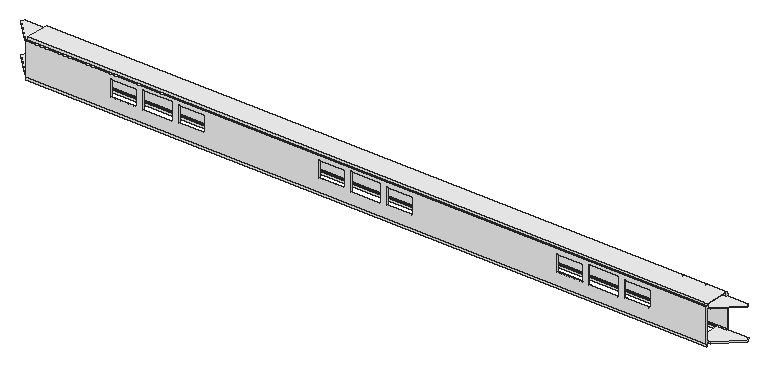
Revit family "Desk_Structures-Teknion-JNDBB_Structural_Beam_Single_Sided-R2018", category Furniture, Revit 2018
Family settings
  OmniClass Number = 23.40.20.00
  OmniClass Title = General Furniture and Specialties
  Work Plane-Based = No
  Always vertical = Yes
  Cut with Voids When Loaded = No
  Shared = Yes
  Room Calculation Point = No
Parameters (values of type "Single Sided")
  Width Note [instance] = "Width of Beam can range from 24 to 84 inches in 6 inch increments"  # constant formula
  Width [instance] = 84.000"
  Warranty = "http://www.teknion.com/ca/papers/legal-canada"
  Unit Weight URL = "http://www.teknion.com/ca/tools/assets#&asset=bee6a381-b954-425e-8283-5a2de3a804f2,f828d448-4b62-4231-9e5f-9a8991c0ed77"
  URL = "www.teknion.com"
  Sustainability Data = "http://www.teknion.com/ca/tools/assets#&topic=216f99a5-57a0-44fc-b10a-9dee9b29ae4c&asset=444deb64-fe58-4b68-981e-f75e97781df7"
  Support Frame Finish [instance] = Mica - Teknion - V - Satin - Very White
  Side B Structural Leg - Beam Mounted Cabinet (2D) [instance] = [Has Side B Structural Leg - Beam Mounted Cabinet]  # no
  Side B In-Line Top Bracket (Leg) [instance] = or([Has Side B Structural Leg - Single-Sided (In-Line)], [Has Side B Structural Leg - Single-Sided (End)])  # no
  Side B In-Line Top Bracket (2D) [instance] = or([Has Side B Structural Leg - Single-Sided (In-Line)], [Has Side B Structural Post - Single-Sided Beam (In-Line)], [Has Side B Structural Leg - Fence (In-Line)])  # no
  Side B Leg (2D) [instance] = or([Has Side B Structural Leg - Single-Sided (End)], [Has Side B Structural Leg - Single-Sided (In-Line)], [Has Side B Structural Leg - Fence (End)], [Has Side B Structural Leg - Fence (In-Line)])  # no
  Side B Front Leg Offset [instance] = if(or([Has Side B Structural Leg - Single-Sided (End)], [Has Side B Structural Leg - Fence (End)]), 3.267", if(or([Has Side B Structural Post - Single-Sided Beam (In-Line)], [Has Side B Structural Leg - Single-Sided (In-Line)], [Has Side B Structural Leg - Fence (In-Line)]), 2.518", 3.267"))  # 3.267"
  Side B Fence Leg Config (2D) [instance] = or([Has Side B Structural Leg - Fence (End)], [Has Side B Structural Leg - Fence (In-Line)], [Has Side B Structural Leg - Beam Mounted Cabinet])  # no
  Side A In-Line Top Bracket (Leg) [instance] = or([Has Side A Structural Leg - Single-Sided (In-Line)], [Has Side A Structural Leg - Single-Sided (End)])  # no
  Side A In-Line Top Bracket (2D) [instance] = or([Has Side A Structural Leg - Single-Sided (In-Line)], [Has Side A Structural Post - Single-Sided Beam (In-Line)], [Has Side A Structural Leg - Fence (In-Line)])  # no
  Side A Front Leg Offset [instance] = if(or([Has Side A Structural Leg - Single-Sided (End)], [Has Side A Structural Leg - Fence (End)]), 3.267", if(or([Has Side A Structural Post - Single-Sided Beam (In-Line)], [Has Side A Structural Leg - Single-Sided (In-Line)], [Has Side A Structural Leg - Fence (In-Line)]), 2.518", 3.267"))  # 3.267"
  Side A Fence Leg Config (2D) [instance] = or([Has Side A Structural Leg - Fence (End)], [Has Side A Structural Leg - Fence (In-Line)], [Has Side A Structural Leg - Beam Mounted Cabinet])  # no
  Side A Leg (2D) [instance] = or([Has Side A Structural Leg - Single-Sided (End)], [Has Side A Structural Leg - Single-Sided (In-Line)], [Has Side A Structural Leg - Fence (End)], [Has Side A Structural Leg - Fence (In-Line)], [Has Side A Structural Leg - Beam Mounted Cabinet])  # no
  Side A End Top Bracket (2D) [instance] = or([Has Side A Structural Leg - Single-Sided (End)], [Has Side A Structural Leg - Fence (End)], [Has Side A Structural Post - Corner], [Has Side A Structural Leg - Beam Mounted Cabinet])  # no
  Side B End Top Bracket (2D) [instance] = or([Has Side B Structural Leg - Single-Sided (End)], [Has Side B Structural Leg - Fence (End)], [Has Side B Structural Post - Corner], [Has Side B Structural Leg - Beam Mounted Cabinet])  # no
  Series = "Cityline"  # constant formula
  Right Side - Right Cut [instance] = if(Width = 48.000", 2.065", if(Width = 54.000", 2.065", if(Width = 60.000", 2.065", if(Width = 66.000", 2.065", if(Width = 72.000", 2.065", if(Width = 78.000", 2.065", if(Width = 84.000", 2.065", 1.000")))))))  # 2.065"
  Right Side - Middle Cut [instance] = if(Width = 48.000", 2.065", if(Width = 54.000", 2.065", if(Width = 60.000", 2.065", if(Width = 66.000", 2.065", if(Width = 72.000", 2.065", if(Width = 78.000", 2.065", if(Width = 84.000", 2.065", 1.000")))))))  # 2.065"
  Right Side - Left Cut [instance] = if(Width = 48.000", 2.065", if(Width = 54.000", 2.065", if(Width = 60.000", 2.065", if(Width = 66.000", 2.065", if(Width = 72.000", 2.065", if(Width = 78.000", 2.065", if(Width = 84.000", 2.065", 1.000")))))))  # 2.065"
  Side B Post [instance] = or([Has Side B Structural Post - Single-Sided Beam (In-Line)], [Has Side B Structural Leg - Single-Sided (End)], [Has Side B Structural Leg - Single-Sided (In-Line)], [Has Side B Structural Post - Corner])  # no
  Side B In-Line Top Bracket (Post) [instance] = or([Has Side B Structural Post - Single-Sided Beam (In-Line)], [Has Side B Structural Leg - Fence (End)], [Has Side B Structural Leg - Fence (In-Line)], [Has Side B Structural Post - Corner], [Has Side B Structural Leg - Beam Mounted Cabinet])  # no
  Right In-Line Post Cut Length [instance] = if(or([Has Side B Structural Leg - Single-Sided (In-Line)], [Has Side B Structural Post - Single-Sided Beam (In-Line)], [Has Side B Structural Leg - Fence (In-Line)], [Has Side B Structural Leg - Fence (In-Line)]), 4.017", 3.150")  # 3.150"
  Side B Front Leg [instance] = or([Has Side B Structural Leg - Single-Sided (End)], [Has Side B Structural Leg - Single-Sided (In-Line)], [Has Side B Structural Leg - Fence (In-Line)], [Has Side B Structural Leg - Fence (End)], [Has Side B Structural Leg - Beam Mounted Cabinet])  # no
  Side B Fence Leg [instance] = or([Has Side B Structural Leg - Fence (End)], [Has Side B Structural Leg - Fence (In-Line)], [Has Side B Structural Leg - Beam Mounted Cabinet])  # no
  Right End Config Cut [instance] = if(or([Has Side B Structural Leg - Single-Sided (End)], [Has Side B Structural Leg - Fence (End)], [Has Side B Structural Post - Corner], [Has Side B Structural Leg - Beam Mounted Cabinet]), 10.000", 3.000")  # 3.000"
  NOTE [instance] = "Please ensure to select only one configuration for either Side A and Side B"  # constant formula
  Model = "See PPG"  # constant formula
  Leg Paint Finish [instance] = Mica - Teknion - V - Satin - Very White
  Side A Post [instance] = or([Has Side A Structural Post - Single-Sided Beam (In-Line)], [Has Side A Structural Leg - Single-Sided (End)], [Has Side A Structural Leg - Single-Sided (In-Line)], [Has Side A Structural Post - Corner])  # no
  Side A In-Line Top Bracket (Post) [instance] = or([Has Side A Structural Post - Single-Sided Beam (In-Line)], [Has Side A Structural Leg - Fence (End)], [Has Side A Structural Leg - Fence (In-Line)], [Has Side A Structural Post - Corner], [Has Side A Structural Leg - Beam Mounted Cabinet])  # no
  Side A Front Leg [instance] = or([Has Side A Structural Leg - Single-Sided (End)], [Has Side A Structural Leg - Single-Sided (In-Line)], [Has Side A Structural Leg - Fence (In-Line)], [Has Side A Structural Leg - Fence (End)], [Has Side A Structural Leg - Beam Mounted Cabinet])  # no
  Side A Fence Leg [instance] = or([Has Side A Structural Leg - Fence (End)], [Has Side A Structural Leg - Fence (In-Line)], [Has Side A Structural Leg - Beam Mounted Cabinet])  # no
  Left End Config Cut [instance] = if(or([Has Side A Structural Leg - Single-Sided (End)], [Has Side A Structural Leg - Fence (End)], [Has Side A Structural Post - Corner], [Has Side A Structural Leg - Beam Mounted Cabinet]), 10.000", 3.000")  # 3.000"
  Left In-Line Post Cut Length [instance] = if(or([Has Side A Structural Leg - Single-Sided (In-Line)], [Has Side A Structural Post - Single-Sided Beam (In-Line)], [Has Side A Structural Leg - Fence (In-Line)], [Has Side A Structural Leg - Fence (In-Line)]), 4.017", 3.150")  # 3.150"
  Has Side Beam Covers [instance] = no
  Has Side B Structural Post - End Storage [instance] = no
  Has Side B Structural Leg - Fence (In-Line) [instance] = no
  Has Side B Structural Leg - Fence (End) [instance] = no
  Has Side B Structural Leg - Beam Mounted Cabinet [instance] = no
  Has Side B Structural Leg - Single-Sided (In-Line) [instance] = no
  Has Side B Structural Leg - Single-Sided (End) [instance] = no
  Side A Structural Leg - Beam Mounted Cabinet (2D) [instance] = [Has Side A Structural Leg - Beam Mounted Cabinet]  # no
  Has Side A Structural Post - End Storage [instance] = no
  Has Side A Structural Leg - Beam Mounted Cabinet [instance] = no
  Has Right S Post with Front Leg (In-Line) [instance] = if(or([Has Side B Structural Leg - Single-Sided (In-Line)], [Has Side B Structural Leg - Fence (In-Line)], [Has Side B Structural Leg - Single-Sided (End)], [Has Side B Structural Leg - Fence (End)], [Has Side B Structural Leg - Beam Mounted Cabinet]), 12.000", 2.097")  # 2.097"
  Has Side B Structural Post - Corner [instance] = no
  Has Side A Structural Leg - Fence (In-Line) [instance] = no
  Has Side A Structural Leg - Fence (End) [instance] = no
  Has Side A Structural Leg - Single-Sided (In-Line) [instance] = no
  Has Side A Structural Leg - Single-Sided (End) [instance] = no
  Has Left S Post with Front Leg (In-Line) [instance] = if(or([Has Side A Structural Leg - Single-Sided (In-Line)], [Has Side A Structural Leg - Fence (In-Line)], [Has Side A Structural Leg - Single-Sided (End)], [Has Side A Structural Leg - Fence (End)], [Has Side A Structural Leg - Beam Mounted Cabinet]), 12.000", 2.097")  # 2.097"
  Has Side B Structural Post - Single-Sided Beam (In-Line) [instance] = no
  Has Side A Structural Post - Corner [instance] = no
  Has Side A Structural Post - Single-Sided Beam (In-Line) [instance] = no
  Has Bottom Side Cover [instance] = no
  Description = "Structural Beam, Single-Sided"  # constant formula
  Depth Note [instance] = "Depth of Structural Post with Front Leg can range from 18 to 30 inches in 6 inch increments, Depth of Structural Leg Single Sided can range from 18 to 30 inches in 6 inch increments, Depth of Structural Leg - Fence can only be 18 inches."  # constant formula
  Depth - Side B Leg (Actual) [instance] = (if(or([Has Side B Structural Leg - Fence (In-Line)], [Has Side B Structural Leg - Fence (End)], [Has Side B Structural Leg - Beam Mounted Cabinet]), 10.101", [Depth - Side B Leg] - 0.592"))  # 23.408"
  Depth - Side B Leg [instance] = 24.000"
  Depth - Side A Leg (Actual) [instance] = (if(or([Has Side A Structural Leg - Fence (In-Line)], [Has Side A Structural Leg - Fence (End)], [Has Side A Structural Leg - Beam Mounted Cabinet]), 10.101", [Depth - Side A] - 0.592"))  # 23.408"
  Depth - Side A [instance] = 24.000"
  Center - Right Cut [instance] = if(Width = 30.000", 2.065", if(Width = 36.000", 2.065", if(Width = 42.000", 2.065", if(Width = 66.000", 2.065", if(Width = 72.000", 2.065", if(Width = 78.000", 2.065", if(Width = 84.000", 2.065", 1.000")))))))  # 2.065"
  Product Page URL = "http://www.teknion.com/ca/products/product-details?productlineid=9ad2a26e-8e7a-673b-a6c8-ff05004460c4"
  Product Line = "Cityline"  # constant formula
  Product Documentation Link = "http://www.teknion.com/pricing/expansion-cityline/pdfs/JNDBB_ppg.pdf"
  Part Number = "JNDBB"  # constant formula
  Center - Middle Cut [instance] = if(Width = 24.000", 2.065", if(Width = 30.000", 2.065", if(Width = 36.000", 2.065", if(Width = 42.000", 2.065", if(Width = 66.000", 2.065", if(Width = 72.000", 2.065", if(Width = 78.000", 2.065", if(Width = 84.000", 2.065", 1.000"))))))))  # 2.065"
  Manufacturer Phone = "416-661-3370"  # constant formula
  Manufacturer Fax = "416.661.4586"  # constant formula
  Manufacturer Contact Information = "http://www.teknion.com/ca/contactus"
  Manufacturer Address = "1150 Flint Road, Toronto, ON. M3J 2J5. Canada"  # constant formula
  Manufacturer = "Teknion"  # constant formula
  Left Side -  Left Cut [instance] = if(Width = 48.000", 2.065", if(Width = 54.000", 2.065", if(Width = 60.000", 2.065", if(Width = 66.000", 2.065", if(Width = 72.000", 2.065", if(Width = 78.000", 2.065", if(Width = 84.000", 2.065", 1.000")))))))  # 2.065"
  Left Side- Middle Cut [instance] = if(Width = 48.000", 2.065", if(Width = 54.000", 2.065", if(Width = 60.000", 2.065", if(Width = 66.000", 2.065", if(Width = 72.000", 2.065", if(Width = 78.000", 2.065", if(Width = 84.000", 2.065", 1.000")))))))  # 2.065"
  Left Side - Right Cut [instance] = if(Width = 48.000", 2.065", if(Width = 54.000", 2.065", if(Width = 60.000", 2.065", if(Width = 66.000", 2.065", if(Width = 72.000", 2.065", if(Width = 78.000", 2.065", if(Width = 84.000", 2.065", 1.000")))))))  # 2.065"
  Center - Left Cut [instance] = if(Width = 30.000", 2.065", if(Width = 36.000", 2.065", if(Width = 42.000", 2.065", if(Width = 66.000", 2.065", if(Width = 72.000", 2.065", if(Width = 78.000", 2.065", if(Width = 84.000", 2.065", 1.000")))))))  # 2.065"
  Assembly Code = "E2020200"
Reference planes (in)
  plane 1 "Center Front/Back": y = 0
  plane 2: z = 0
  plane 3 "Center Left/Right": x = 0
  plane 4 "Left Beam": x = -38.6142
  plane 5 "Right Node": x = 42
  plane 6 "Back": y = 1.5748
  plane 7 "Front": y = -1.5748
  plane 8 "Top": z = 46
  plane 9: y = 2.71195
  plane 10: y = -2.71195
  plane 11: z = 27.37795
  plane 12: z = 23.7874
  plane 13: z = 27.25984
  plane 14: z = 23.90551
  plane 15 "Left Node": x = -42
  plane 16: x = 38.6142
  plane 17: z = 27.07185
  plane 18: z = 23.7874
  plane 19: z = 23.59941
  plane 20: z = 1
  plane 21: z = 27.25984
  plane 22 "Left Leg - Front": y = -21.71509
  plane 23 "Front Leg Right": x = 42.00022
  plane 24: x = 40.50022
  plane 25 "Left": x = -42.00031
  plane 26: x = -40.50031
  plane 27: z = 31.09173
  plane 28 "Right Leg - Front": y = -21.71509
  plane 29: z = 23.30326
  plane 30: z = 23.42126
  plane 31: y = 1.69291
  plane 32: x = 41.56571
  plane 33: x = -41.56575
  plane 34 "Left Bracket": x = -45.26731
  plane 35 "Right Bracket": x = 45.26722
  plane 36: x = -38.73231
  plane 37: x = 38.73222
Forms (in)
  Extrusion 1, void
    sketch origin (0, 0, 0) x (1, 0, 0) y (0, 1, 0)
      loop
        line (-1.7126, 0.64695) -> (1.7126, 0.64695) -> (1.7126, 2.71195) -> (-1.7126, 2.71195) -> (-1.7126, 0.64695)
    from 25.01575 to 27.14173
  Extrusion 2, void
    sketch origin (0, 0, 0) x (1, 0, 0) y (0, 1, 0)
      loop
        line (-1.7126, -0.64695) -> (-1.7126, -2.71195) -> (1.7126, -2.71195) -> (1.7126, -0.64695) -> (-1.7126, -0.64695)
    from 25.01575 to 27.14173
  Extrusion 3, solid, material "Mica - Teknion - V - Satin - Very White" <- "Support Frame Finish"
    sketch origin (-11.30403, 0, 0) x (0, 1, 0) y (0, 0, 1)
      loop
        line (1.51575, 23.90551) -> (1.3248, 23.90551) -> (1.3248, 23.7874) -> (1.45669, 23.7874) -> (1.45669, 23.42126) -> (1.51575, 23.42126) -> (1.51575, 23.72835) -> (1.5748, 23.72835) -> (1.5748, 27.43701) -> (1.3248, 27.43701) -> (1.3248, 27.69291) -> (-1.3248, 27.69291) -> (-1.3248, 27.43701) -> (-1.5748, 27.43701) -> (-1.5748, 23.72835) -> (-1.51575, 23.72835) -> (-1.51575, 23.42126) -> (-1.45669, 23.42126) -> (-1.45669, 23.7874) -> (-1.3248, 23.7874) -> (-1.3248, 23.90551) -> (-1.51575, 23.90551) -> (-1.51575, 27.25984) -> (-1.3248, 27.25984) -> (-1.3248, 27.37795) -> (-1.26575, 27.37795) -> (-1.26575, 27.63386) -> (1.26575, 27.63386) -> (1.26575, 27.37795) -> (1.3248, 27.37795) -> (1.3248, 27.25984) -> (1.51575, 27.25984) -> (1.51575, 23.90551)
    from -27.31017 to 49.91823
  Extrusion 4, void
    sketch origin (-3.60433, 0, 0) x (1, 0, 0) y (0, 1, 0)
      loop
        line (-1.7126, -0.64695) -> (-1.7126, -2.71195) -> (1.22047, -2.71195) -> (1.22047, -0.64695) -> (-1.7126, -0.64695)
    from 25.1437 to 26.97441
  Extrusion 5, void
    sketch origin (4.09646, 0, 0) x (1, 0, 0) y (0, 1, 0)
      loop
        line (-1.7126, -0.64695) -> (-1.7126, -2.71195) -> (1.22047, -2.71195) -> (1.22047, -0.64695) -> (-1.7126, -0.64695)
    from 25.1437 to 26.97441
  Extrusion 6, void
    sketch origin (-3.60433, 0, 0) x (1, 0, 0) y (0, 1, 0)
      loop
        line (-1.7126, 0.64695) -> (1.22047, 0.64695) -> (1.22047, 2.71195) -> (-1.7126, 2.71195) -> (-1.7126, 0.64695)
    from 25.1437 to 26.97441
  Extrusion 7, void
    sketch origin (4.09646, 0, 0) x (1, 0, 0) y (0, 1, 0)
      loop
        line (-1.7126, 0.64695) -> (1.22047, 0.64695) -> (1.22047, 2.71195) -> (-1.7126, 2.71195) -> (-1.7126, 0.64695)
    from 25.1437 to 26.97441
  Extrusion 8, void
    sketch origin (-9, 0, 0) x (1, 0, 0) y (0, 1, 0)
      loop
        line (-16.3268, -0.64695) -> (-16.3268, -2.71195) -> (-12.9016, -2.71195) -> (-12.9016, -0.64695) -> (-16.3268, -0.64695)
    from 25.01575 to 27.14173
  Extrusion 9, void
    sketch origin (-12.60433, 0, 0) x (1, 0, 0) y (0, 1, 0)
      loop
        line (-16.3268, -0.64695) -> (-16.3268, -2.71195) -> (-13.39373, -2.71195) -> (-13.39373, -0.64695) -> (-16.3268, -0.64695)
    from 25.1437 to 26.97441
  Extrusion 10, void
    sketch origin (-4.90354, 0, 0) x (1, 0, 0) y (0, 1, 0)
      loop
        line (-16.3268, -0.64695) -> (-16.3268, -2.71195) -> (-13.39373, -2.71195) -> (-13.39373, -0.64695) -> (-16.3268, -0.64695)
    from 25.1437 to 26.97441
  Extrusion 11, void
    sketch origin (9, 0, 0) x (1, 0, 0) y (0, 1, 0)
      loop
        line (16.2874, -0.64695) -> (16.2874, -2.71195) -> (19.7126, -2.71195) -> (19.7126, -0.64695) -> (16.2874, -0.64695)
    from 25.01575 to 27.14173
  Extrusion 12, void
    sketch origin (5.39567, 0, 0) x (1, 0, 0) y (0, 1, 0)
      loop
        line (16.2874, -0.64695) -> (16.2874, -2.71195) -> (19.22047, -2.71195) -> (19.22047, -0.64695) -> (16.2874, -0.64695)
    from 25.1437 to 26.97441
  Extrusion 13, void
    sketch origin (13.09646, 0, 0) x (1, 0, 0) y (0, 1, 0)
      loop
        line (16.2874, -0.64695) -> (16.2874, -2.71195) -> (19.22047, -2.71195) -> (19.22047, -0.64695) -> (16.2874, -0.64695)
    from 25.1437 to 26.97441
  Extrusion 14, void
    sketch origin (-9, 0, 0) x (1, 0, 0) y (0, 1, 0)
      loop
        line (-16.3268, 0.64695) -> (-12.9016, 0.64695) -> (-12.9016, 2.71195) -> (-16.3268, 2.71195) -> (-16.3268, 0.64695)
    from 25.01575 to 27.14173
  Extrusion 15, void
    sketch origin (-12.60433, 0, 0) x (1, 0, 0) y (0, 1, 0)
      loop
        line (-16.3268, 0.64695) -> (-13.39373, 0.64695) -> (-13.39373, 2.71195) -> (-16.3268, 2.71195) -> (-16.3268, 0.64695)
    from 25.1437 to 26.97441
  Extrusion 16, void
    sketch origin (-4.90354, 0, 0) x (1, 0, 0) y (0, 1, 0)
      loop
        line (-16.3268, 0.64695) -> (-13.39373, 0.64695) -> (-13.39373, 2.71195) -> (-16.3268, 2.71195) -> (-16.3268, 0.64695)
    from 25.1437 to 26.97441
  Extrusion 17, void
    sketch origin (9, 0, 0) x (1, 0, 0) y (0, 1, 0)
      loop
        line (16.2874, 0.64695) -> (19.7126, 0.64695) -> (19.7126, 2.71195) -> (16.2874, 2.71195) -> (16.2874, 0.64695)
    from 25.01575 to 27.14173
  Extrusion 18, void
    sketch origin (5.39567, 0, 0) x (1, 0, 0) y (0, 1, 0)
      loop
        line (16.2874, 0.64695) -> (19.22047, 0.64695) -> (19.22047, 2.71195) -> (16.2874, 2.71195) -> (16.2874, 0.64695)
    from 25.1437 to 26.97441
  Extrusion 19, void
    sketch origin (13.09646, 0, 0) x (1, 0, 0) y (0, 1, 0)
      loop
        line (16.2874, 0.64695) -> (19.22047, 0.64695) -> (19.22047, 2.71195) -> (16.2874, 2.71195) -> (16.2874, 0.64695)
    from 25.1437 to 26.97441
  Extrusion 20, solid, material "Mica - Teknion - V - Satin - Very White" <- "Leg Paint Finish", visible <- "Side A Post"
    sketch origin (-0.86758, -0.94291, 0) x (1, 0, 0) y (0, 1, 0)
      loop
        line (-40.98633, 1.2815) -> (-39.77767, 1.2815) -> (-39.77767, 2.49016) -> (-40.98633, 2.49016) -> (-40.98633, 1.2815)
    from 0 to 1
  Extrusion 21, solid, material "Mica - Teknion - V - Satin - Very White" <- "Leg Paint Finish", visible <- "Side A Post"
    sketch origin (-0.86758, -0.94291, 0) x (1, 0, 0) y (0, 1, 0)
      loop
        line (-41.13273, 1.13583) -> (-39.63273, 1.13583) -> (-39.63273, 2.63583) -> (-41.13273, 2.63583) -> (-41.13273, 1.13583)
    from 1 to 23.59941
  Extrusion 22, solid, material "Mica - Teknion - V - Satin - Very White" <- "Leg Paint Finish", visible <- "Side A In-Line Top Bracket (Post)"
    sketch origin (-1.69291, 0, 0) x (1, 0, 0) y (0, 1, 0)
      loop
        circle (-43.4494, 1.4498) r 0.125
      loop
        circle (-37.1644, 1.4498) r 0.125
      loop
        circle (-43.4494, -1.4498) r 0.125
      loop
        circle (-37.1644, -1.4498) r 0.125
    from 23.7874 to 27.14173
  Extrusion 23, solid, material "Mica - Teknion - V - Satin - Very White" <- "Leg Paint Finish", visible <- "Side B Post"
    sketch origin (-0.8248, -0.94291, 0) x (-1, 0, 0) y (0, -1, 0)
      loop
        line (-42.6803, -1.2815) -> (-42.6803, -2.49016) -> (-41.4713, -2.49016) -> (-41.4713, -1.2815) -> (-42.6803, -1.2815)
    from 0 to 1
  Extrusion 24, solid, material "Mica - Teknion - V - Satin - Very White" <- "Leg Paint Finish", visible <- "Side B Post"
    sketch origin (-0.8248, -0.94291, 0) x (-1, 0, 0) y (0, -1, 0)
      loop
        line (-42.82503, -1.13583) -> (-42.82503, -2.63583) -> (-41.32503, -2.63583) -> (-41.32503, -1.13583) -> (-42.82503, -1.13583)
    from 1 to 23.59941
  Extrusion 25, solid, material "Mica - Teknion - V - Satin - Very White" <- "Leg Paint Finish", visible <- "Side B Front Leg"
    sketch origin (43.69291, 0, 0) x (0, -1, 0) y (0, 0, 1)
      loop
        line (-1.69291, 27.6929) -> (-1.69291, 22.8149) -> (15.40799, 22.8149)
        arc (15.40799, 22.8149) -> (16.1519, 22.50676) -> (16.46003, 21.76286) r 1.05204
        line (16.46003, 21.76286) -> (19.19351, 1) -> (21.71509, 1) -> (18.2009, 27.6929) -> (-1.69291, 27.6929)
    from 1.69269 to 3.19269
  Extrusion 26, solid, material "Mica - Teknion - V - Satin - Very White" <- "Leg Paint Finish", visible <- "Side B Front Leg"
    sketch origin (44.44291, 0, 0) x (0, -1, 0) y (0, 0, 1)
      loop
        line (21.70775, 0) -> (21.5761, 1) -> (19.51119, 1) -> (19.64285, 0) -> (21.70775, 0)
    from 2.59937 to 3.78441
  Extrusion 27, solid, material "Mica - Teknion - V - Satin - Very White" <- "Leg Paint Finish", visible <- "Side A Front Leg"
    sketch origin (-43.69283, 0, 0) x (0, -1, 0) y (0, 0, -1)
      loop
        line (-1.69291, -27.6929) -> (18.2009, -27.6929) -> (21.71509, -1) -> (19.19351, -1) -> (16.46003, -21.76286)
        arc (16.46003, -21.76286) -> (16.1519, -22.50676) -> (15.40799, -22.8149) r 1.05204
        line (15.40799, -22.8149) -> (-1.69291, -22.8149) -> (-1.69291, -27.6929)
    from 1.69252 to 3.19252
  Extrusion 28, solid, material "Mica - Teknion - V - Satin - Very White" <- "Leg Paint Finish", visible <- "Side A Front Leg"
    sketch origin (-44.44283, 0, 0) x (0, -1, 0) y (0, 0, -1)
      loop
        line (21.70775, 0) -> (19.64285, 0) -> (19.51119, -1) -> (21.5761, -1) -> (21.70775, 0)
    from 2.59928 to 3.78432
  Extrusion 29, void
    sketch origin (-1.69291, 0, 0) x (1, 0, 0) y (0, 1, 0)
      loop
        line (-37.0394, 1.5748) -> (-40.1894, 1.5748) -> (-40.1894, -1.5748) -> (-37.0394, -1.5748) -> (-37.0394, 1.5748)
    from 28.99473 to 31.09173
  Extrusion 30, solid, material "Mica - Teknion - V - Satin - Very White" <- "Support Frame Finish", visible <- "Has Side Beam Covers"
    sketch origin (0, 0, 0) x (1, 0, 0) y (0, 1, 0)
      loop
        line (38.6142, 1.5748) -> (38.6142, 1.6928) -> (-38.6142, 1.6928) -> (-38.6142, 1.5748) -> (38.6142, 1.5748)
    from 23.42126 to 27.69291
  Extrusion 31, solid, material "Mica - Teknion - V - Satin - Very White" <- "Support Frame Finish", visible <- "Has Side Beam Covers"
    sketch origin (0, 0, 0) x (1, 0, 0) y (0, 1, 0)
      loop
        line (38.6142, -1.5748) -> (-38.6142, -1.5748) -> (-38.6142, -1.6928) -> (38.6142, -1.6928) -> (38.6142, -1.5748)
    from 23.42126 to 27.69291
  Extrusion 32, solid, material "Paint - Teknion - 52 - Ebony", visible <- "Has Bottom Side Cover"
    sketch origin (-25.5748, -180, 23.59941) x (-1, 0, 0) y (0, -1, 0)
      loop
        line (13.0394, -181.5748) -> (13.0394, -178.4252) -> (-64.189, -178.4252) -> (-64.189, -181.5748) -> (13.0394, -181.5748)
    from -0.29615 to -0.17815
  Extrusion 33, solid, material "Mica - Teknion - V - Satin - Very White" <- "Support Frame Finish"
    sketch origin (-25.5748, -180, 23.59941) x (-1, 0, 0) y (0, -1, 0)
      loop
        arc (-66.87886, -180.99694) -> (-66.75574, -181.15116) -> (-66.66201, -181.3248) r 1.10535
        line (-66.66201, -181.3248) -> (-63.20475, -181.3248) -> (-63.20475, -178.6752) -> (-64.55711, -178.6752) -> (-66.87886, -180.99694)
    from 3.66043 to 3.77854
  Extrusion 34, solid, material "Mica - Teknion - V - Satin - Very White" <- "Support Frame Finish"
    sketch origin (-25.5748, -180, 20.12697) x (-1, 0, 0) y (0, -1, 0)
      loop
        arc (-66.87886, -180.99694) -> (-66.75574, -181.15116) -> (-66.66201, -181.3248) r 1.10535
        line (-66.66201, -181.3248) -> (-63.20475, -181.3248) -> (-63.20475, -178.6752) -> (-64.55711, -178.6752) -> (-66.87886, -180.99694)
    from 3.66043 to 3.77854
  Extrusion 35, solid, material "Mica - Teknion - V - Satin - Very White" <- "Support Frame Finish"
    sketch origin (-25.5748, -180, 23.59941) x (-1, 0, 0) y (0, -1, 0)
      loop
        line (15.72925, -180.99694) -> (13.40751, -178.6752) -> (12.05514, -178.6752) -> (12.05514, -181.3248) -> (15.5124, -181.3248)
        arc (15.5124, -181.3248) -> (15.60572, -181.15088) -> (15.72925, -180.99694) r 1.0757
    from 3.66043 to 3.77854
  Extrusion 36, solid, material "Mica - Teknion - V - Satin - Very White" <- "Support Frame Finish"
    sketch origin (-25.5748, -180, 20.12697) x (-1, 0, 0) y (0, -1, 0)
      loop
        line (15.72925, -180.99694) -> (13.40751, -178.6752) -> (12.05514, -178.6752) -> (12.05514, -181.3248) -> (15.5124, -181.3248)
        arc (15.5124, -181.3248) -> (15.60572, -181.15088) -> (15.72925, -180.99694) r 1.0757
    from 3.66043 to 3.77854
  Extrusion 37, solid, material "Mica - Teknion - V - Satin - Very White" <- "Leg Paint Finish", visible <- "Side A In-Line Top Bracket (Post)"
    sketch origin (-38.6142, 0, 0) x (0, 1, 0) y (0, 0, 1)
      loop
        line (1.5748, 23.66929) -> (1.5748, 23.7874) -> (-1.5748, 23.7874) -> (-1.5748, 23.66929) -> (1.5748, 23.66929)
      loop
        line (1.5748, 27.14173) -> (1.5748, 27.25984) -> (-1.5748, 27.25984) -> (-1.5748, 27.14173) -> (1.5748, 27.14173)
    from -0.11811 to -6.65311
  Extrusion 38, void
    sketch origin (-25.5748, -180, 23.59941) x (0, -1, 0) y (-1, 0, 0)
      loop
        line (-181.5748, 16.42551) -> (-178.4252, 16.42551) -> (-178.4252, 19.69251) -> (-181.5748, 19.69251) -> (-181.5748, 16.42551)
    from -7.49232 to -4.49232
  Extrusion 39, solid, material "Mica - Teknion - V - Satin - Very White" <- "Leg Paint Finish", visible <- "Side B In-Line Top Bracket (Post)"
    sketch origin (1.69291, 0, 0) x (-1, 0, 0) y (0, -1, 0)
      loop
        circle (-43.44931, 1.4498) r 0.125
      loop
        circle (-37.16431, 1.4498) r 0.125
      loop
        circle (-43.44931, -1.33169) r 0.125
      loop
        circle (-37.16431, -1.33169) r 0.125
    from 23.7874 to 27.14173
  Extrusion 40, void
    sketch origin (1.69291, 0, 0) x (-1, 0, 0) y (0, -1, 0)
      loop
        line (-37.03931, 1.69291) -> (-40.18931, 1.69291) -> (-40.18931, -1.5748) -> (-37.03931, -1.5748) -> (-37.03931, 1.69291)
    from 28.99473 to 31.09173
  Extrusion 41, solid, material "Mica - Teknion - V - Satin - Very White" <- "Leg Paint Finish", visible <- "Side B In-Line Top Bracket (Leg)"
    sketch origin (40.307, 0, 0) x (0, 1, 0) y (0, 0, -1)
      loop
        line (1.5748, -23.66929) -> (-1.5748, -23.66929) -> (-1.5748, -23.7874) -> (1.45669, -23.7874) -> (1.45669, -27.14173) -> (-1.5748, -27.14173) -> (-1.5748, -27.25984) -> (1.5748, -27.25984) -> (1.5748, -23.66929)
    from 1.57478 to -4.96022
  Extrusion 42, void
    sketch origin (25.5748, -180, 23.59941) x (0, 1, 0) y (1, 0, 0)
      loop
        line (181.5748, 16.42542) -> (181.5748, 19.69242) -> (178.4252, 19.69242) -> (178.4252, 16.42542) -> (181.5748, 16.42542)
    from -7.49232 to -4.49232
  Extrusion 43, solid, material "Mica - Teknion - V - Satin - Very White" <- "Leg Paint Finish", visible <- "Side A Fence Leg"
    sketch origin (-43.69283, -17.40756, 48) x (0, -1, 0) y (0, 0, -1)
      loop
        line (-22.30099, 20.3071) -> (-19.10048, 20.3071) -> (-19.10048, 25.1851) -> (-19.50855, 25.1851)
        arc (-19.50855, 25.1851) -> (-20.14757, 25.40141) -> (-20.52382, 25.9614) r 1.05204
        line (-20.52382, 25.9614) -> (-23.2936, 47) -> (-25.81517, 47) -> (-22.30099, 20.3071)
    from 1.69252 to 3.19252
  Extrusion 44, solid, material "Mica - Teknion - V - Satin - Very White" <- "Leg Paint Finish", visible <- "Side A Fence Leg"
    sketch origin (-42.00031, 0, 0) x (0, 1, 0) y (0, 0, 1)
      loop
        line (8.40075, 0) -> (8.2691, 1) -> (6.20419, 1) -> (6.33585, 0) -> (8.40075, 0)
    from 0.15748 to 1.34252
  Extrusion 45, solid, material "Mica - Teknion - V - Satin - Very White" <- "Leg Paint Finish", visible <- "Side B Fence Leg"
    sketch origin (42.94339, 0, 0) x (0, 1, 0) y (0, 0, 1)
      loop
        line (8.40075, 0) -> (8.2691, 1) -> (6.20419, 1) -> (6.33585, 0) -> (8.40075, 0)
    from -2.28441 to -1.09937
  Extrusion 46, solid, material "Mica - Teknion - V - Satin - Very White" <- "Leg Paint Finish", visible <- "Side B Fence Leg"
    sketch origin (41.94291, 17.40756, 48) x (0, 1, 0) y (0, 0, -1)
      loop
        line (-15.71465, 25.1851) -> (-15.71465, 20.3071) -> (-12.51414, 20.3071) -> (-8.99995, 47) -> (-11.52153, 47) -> (-14.29131, 25.9614)
        arc (-14.29131, 25.9614) -> (-14.66755, 25.40141) -> (-15.30658, 25.1851) r 1.05204
        line (-15.30658, 25.1851) -> (-15.71465, 25.1851)
    from -0.05731 to 1.44269
  Sweep 47, solid, material "Mica - Teknion - V - Satin - Very White" <- "Support Frame Finish", visible <- "Has Side A Structural Leg - Beam Mounted Cabinet"
    path origin (0, 0, 0) x (1, 0, 0) y (0, 0, 1)
      loop
        line (0, 27.69291) -> (0, 27.81102)
    profile origin (0, 0, 27.75197) x (-1, 0, 0) y (0, -1, 0)
      loop
        line (43.69322, -6.25591) -> (43.69322, 6.25591) -> (38.73231, 6.25591) -> (38.73231, 1.5748) -> (41.88231, 1.5748) -> (41.88231, -1.5748) -> (38.73259, -1.5748) -> (38.73259, -6.25591) -> (43.69322, -6.25591)
  Sweep 48, solid, material "Mica - Teknion - V - Satin - Very White" <- "Support Frame Finish", visible <- "Has Side B Structural Leg - Beam Mounted Cabinet"
    path origin (0, 0, 0) x (1, 0, 0) y (0, 0, 1)
      loop
        line (0, 27.69291) -> (0, 27.81102)
    profile origin (0, 0, 27.75197) x (-1, 0, 0) y (0, -1, 0)
      loop
        line (-43.69322, -6.25591) -> (-38.73259, -6.25591) -> (-38.73259, -1.5748) -> (-41.8822, -1.5748) -> (-41.8822, 1.5748) -> (-38.73259, 1.5748) -> (-38.73259, 6.25591) -> (-43.69322, 6.25591) -> (-43.69322, -6.25591)
  Sweep 49, solid, material "Mica - Teknion - V - Satin - Very White" <- "Support Frame Finish", visible <- "Has Side A Structural Post - Corner"
    path origin (0, 0, 0) x (1, 0, 0) y (0, 0, 1)
      loop
        line (0, 23.7874) -> (0, 27.14173)
    profile origin (0, 0, 25.46457) x (-1, 0, 0) y (0, -1, 0)
      loop
        circle (41.87531, 1.4498) r 0.125
  Sweep 50, solid, material "Mica - Teknion - V - Satin - Very White" <- "Support Frame Finish", visible <- "Has Side B Structural Post - Corner"
    path origin (0, 0, 0) x (1, 0, 0) y (0, 0, 1)
      loop
        line (0, 27.14173) -> (0, 23.7874)
    profile origin (0, 0, 25.46457) x (0, -1, 0) y (1, 0, 0)
      loop
        circle (1.4498, 41.87531) r 0.125
  Sweep 51, solid, material "Mica - Teknion - V - Satin - Very White" <- "Leg Paint Finish", visible <- "Has Side A Structural Post - Corner"
    path origin (0, 0, 0) x (1, 0, 0) y (0, 0, 1)
      loop
        line (0, 23.59941) -> (0, 27.69291)
    profile origin (0, 0, 25.64616) x (-1, 0, 0) y (0, -1, 0)
      loop
        line (41.88231, -0.19291) -> (41.88231, -1.5748) -> (40.50031, -1.5748) -> (40.50031, -1.69291) -> (42.00031, -1.69291) -> (42.00031, -0.19291) -> (41.88231, -0.19291)
  Sweep 52, solid, material "Mica - Teknion - V - Satin - Very White" <- "Support Frame Finish", visible <- "Side A In-Line Top Bracket (Post)"
    path origin (-25.5748, -180, 23.59941) x (-1, 0, 0) y (0, -1, 0)
      loop
        line (13.15751, -181.69291) -> (19.69251, -181.69291)
    profile origin (-41.99981, 1.69291, 23.59941) x (0, -1, 0) y (0, 0, 1)
      loop
        line (0.23622, 0.18799) -> (0.23622, 3.54232) -> (3.26772, 3.54232) -> (3.26772, 3.66043) -> (0.11811, 3.66043) -> (0.11811, 0.06988) -> (3.26772, 0.06988) -> (3.26772, 0.18799) -> (0.23622, 0.18799)
  Sweep 53, solid, material "Mica - Teknion - V - Satin - Very White" <- "Support Frame Finish", visible <- "Side B In-Line Top Bracket (Post)"
    path origin (0, 0, 0) x (1, 0, 0) y (0, 0, 1)
      loop
        line (38.73222, 27.37795) -> (45.26722, 27.37795)
    profile origin (41.99972, 0, 27.37795) x (0, 0, 1) y (0, -1, 0)
      loop
        line (-0.23622, -1.5748) -> (-0.11811, -1.5748) -> (-0.11811, 1.5748) -> (-0.23622, 1.5748) -> (-0.23622, -1.5748)
      loop
        line (-3.70866, -1.5748) -> (-3.59055, -1.5748) -> (-3.59055, 1.5748) -> (-3.70866, 1.5748) -> (-3.70866, -1.5748)
  Sweep 54, solid, material "Mica - Teknion - V - Satin - Very White" <- "Support Frame Finish", visible <- "Has Side B Structural Post - Corner"
    path origin (0, 0, 0) x (1, 0, 0) y (0, 0, 1)
      loop
        line (0, 23.42126) -> (0, 27.51476)
    profile origin (0, 0, 25.46801) x (-1, 0, 0) y (0, -1, 0)
      loop
        line (-41.88231, -0.19291) -> (-42.00022, -0.19291) -> (-42.00022, -1.69291) -> (-40.50022, -1.69291) -> (-40.50022, -1.5748) -> (-41.88231, -1.5748) -> (-41.88231, -0.19291)
  Sweep 55, solid, material "Mica - Teknion - V - Satin - Very White" <- "Leg Paint Finish", visible <- "Has Side A Structural Post - End Storage"
    path origin (0, 0, 0) x (1, 0, 0) y (0, 0, 1)
      loop
        line (0, 0) -> (0, 1)
    profile origin (0, 0, 0.5) x (-1, 0, 0) y (0, -1, 0)
      loop
        line (40.68661, -0.60433) -> (40.68661, 0.60433) -> (39.47795, 0.60433) -> (39.47795, -0.60433) -> (40.68661, -0.60433)
  Sweep 56, solid, material "Mica - Teknion - V - Satin - Very White" <- "Leg Paint Finish", visible <- "Has Side A Structural Post - End Storage"
    path origin (0, 0, 0) x (1, 0, 0) y (0, 0, 1)
      loop
        line (0, 23.59941) -> (0, 1)
    profile origin (0, 0, 12.2997) x (0, -1, 0) y (1, 0, 0)
      loop
        line (-0.75, -40.83228) -> (0.75, -40.83228) -> (0.75, -39.33228) -> (-0.75, -39.33228) -> (-0.75, -40.83228)
  Sweep 57, solid, material "Mica - Teknion - V - Satin - Very White" <- "Leg Paint Finish", visible <- "Has Side A Structural Post - End Storage"
    path origin (-25.5748, -180, 23.59941) x (-1, 0, 0) y (0, -1, 0)
      loop
        line (15.87953, -181.69291) -> (13.24567, -181.69291)
    profile origin (-40.1374, 1.69291, 23.59941) x (0, 1, 0) y (0, 0, 1)
      loop
        line (-0.11811, 3.66043) -> (-3.26772, 3.66043) -> (-3.26772, 0) -> (-0.11811, 0) -> (-0.11811, 3.66043)
      loop
        line (-3.14961, 0.18799) -> (-0.23622, 0.18799) -> (-0.23622, 3.47244) -> (-3.14961, 3.47244) -> (-3.14961, 0.18799)
  Sweep 58, void
    path origin (-25.5748, -180, 23.59941) x (-1, 0, 0) y (0, -1, 0)
      loop
        line (15.87953, -181.69291) -> (15.25748, -181.69291)
    profile origin (-41.14331, 1.69291, 23.59941) x (0, 1, 0) y (0, 0, 1)
      loop
        line (-1.3189, 3.47244) -> (-1.3189, 3.66043) -> (-2.06693, 3.66043) -> (-2.06693, 3.47244) -> (-3.26772, 3.47244) -> (-3.26772, 0.18799) -> (-2.06693, 0.18799) -> (-2.06693, 0) -> (-1.3189, 0) -> (-1.3189, 0.18799) -> (-0.11811, 0.18799) -> (-0.11811, 3.47244) -> (-1.3189, 3.47244)
  Sweep 59, solid, material "Mica - Teknion - V - Satin - Very White" <- "Leg Paint Finish", visible <- "Has Side B Structural Post - End Storage"
    path origin (0, 0, 0) x (1, 0, 0) y (0, 0, 1)
      loop
        line (0, 0) -> (0, 1)
    profile origin (0, 0, 0.5) x (-1, 0, 0) y (0, -1, 0)
      loop
        line (-39.47795, -0.60433) -> (-39.47795, 0.60433) -> (-40.68661, 0.60433) -> (-40.68661, -0.60433) -> (-39.47795, -0.60433)
  Sweep 60, solid, material "Mica - Teknion - V - Satin - Very White" <- "Leg Paint Finish", visible <- "Has Side B Structural Post - End Storage"
    path origin (0, 0, 0) x (1, 0, 0) y (0, 0, 1)
      loop
        line (0, 1) -> (0, 23.59941)
    profile origin (0, 0, 12.2997) x (-1, 0, 0) y (0, -1, 0)
      loop
        line (-39.33228, -0.75) -> (-39.33228, 0.75) -> (-40.83228, 0.75) -> (-40.83228, -0.75) -> (-39.33228, -0.75)
  Sweep 61, solid, material "Mica - Teknion - V - Satin - Very White" <- "Leg Paint Finish", visible <- "Has Side B Structural Post - End Storage"
    path origin (-25.5748, -180, 23.59941) x (-1, 0, 0) y (0, -1, 0)
      loop
        line (-64.39528, -181.69291) -> (-67.02913, -181.69291)
    profile origin (40.1374, 1.69291, 23.59941) x (0, 1, 0) y (0, 0, 1)
      loop
        line (-3.14961, 3.47244) -> (-3.14961, 0.18799) -> (-0.23622, 0.18799) -> (-0.23622, 3.47244) -> (-3.14961, 3.47244)
      loop
        line (-0.11811, 3.66043) -> (-3.26772, 3.66043) -> (-3.26772, 0) -> (-0.11811, 0) -> (-0.11811, 3.66043)
  Sweep 62, void
    path origin (-25.5748, -180, 23.59941) x (-1, 0, 0) y (0, -1, 0)
      loop
        line (-66.40709, -181.69291) -> (-67.02913, -181.69291)
    profile origin (41.14331, 1.69291, 23.59941) x (0, 1, 0) y (0, 0, 1)
      loop
        line (-1.3189, 3.47244) -> (-1.3189, 3.66043) -> (-2.06693, 3.66043) -> (-2.06693, 3.47244) -> (-3.26772, 3.47244) -> (-3.26772, 0.18799) -> (-2.06693, 0.18799) -> (-2.06693, 0) -> (-1.3189, 0) -> (-1.3189, 0.18799) -> (-0.11811, 0.18799) -> (-0.11811, 3.47244) -> (-1.3189, 3.47244)
Cuts and joins
  Extrusion 1, Extrusion 2, Extrusion 4, Extrusion 5, Extrusion 6, Extrusion 7, Extrusion 8, Extrusion 9, Extrusion 10, Extrusion 11, Extrusion 12, Extrusion 13, Extrusion 14, Extrusion 15, Extrusion 16, Extrusion 17, Extrusion 18, Extrusion 19 cuts Extrusion 3
  Extrusion 29 cuts Extrusion 20
  Extrusion 38 cuts Extrusion 37
  Extrusion 38 cuts Extrusion 21
  Extrusion 38 cuts Extrusion 22
  Extrusion 40 cuts Extrusion 25
  Extrusion 42 cuts Extrusion 39
  Extrusion 42 cuts Extrusion 41
  Extrusion 29, Extrusion 42 cuts Extrusion 27
  Extrusion 42 cuts Sweep 53
  Extrusion 38 cuts Sweep 52
  Sweep 58 cuts Sweep 57
  Sweep 62 cuts Sweep 61
Lines and regions (in)
  Masking region 1
    outline origin (0, 0, 0) x (1, 0, 0) y (0, 1, 0)
      loop
        line (-38.6142, 1.5748) -> (-38.6142, -1.5748) -> (38.6142, -1.5748) -> (38.6142, 1.5748) -> (-38.6142, 1.5748)
  Masking region 2, visible <- "Side A Front Leg", detail levels medium+fine
    outline origin (0, 0, 0) x (1, 0, 0) y (0, 1, 0)
      loop
        line (-40.50031, 1.69291) -> (-42.00031, 1.69291) -> (-42.00031, -21.71509) -> (-40.50031, -21.71509) -> (-40.50031, 1.69291)
  Masking region 3, visible <- "Side B Front Leg", detail levels medium+fine
    outline origin (0, 0, 0) x (1, 0, 0) y (0, 1, 0)
      loop
        line (40.50022, -21.71509) -> (42.00022, -21.71509) -> (42.00022, 0) -> (40.50022, 0) -> (40.50022, -21.71509)
  Masking region 4, visible <- "Side B In-Line Top Bracket (2D)"
    outline origin (-25.5748, -180, 23.59941) x (-1, 0, 0) y (0, -1, 0)
      loop
        line (-70.84203, -181.5748) -> (-64.189, -181.5748) -> (-64.189, -178.4252) -> (-70.84203, -178.4252) -> (-70.84203, -181.5748)
  Masking region 5, visible <- "Side A In-Line Top Bracket (2D)"
    outline origin (25.5748, -180, 23.59941) x (1, 0, 0) y (0, 1, 0)
      loop
        line (-70.84211, 181.5748) -> (-70.84211, 178.4252) -> (-64.189, 178.4252) -> (-64.189, 181.5748) -> (-70.84211, 181.5748)
  Masking region 6, visible <- "Side A End Top Bracket (2D)"
    outline origin (-25.5748, -180, 23.59941) x (-1, 0, 0) y (0, -1, 0)
      loop
        line (16.30751, -181.5748) -> (16.30751, -178.4252) -> (13.0394, -178.4252) -> (13.0394, -181.5748) -> (16.30751, -181.5748)
  Masking region 7, visible <- "Side B End Top Bracket (2D)"
    outline origin (-25.5748, -180, 23.59941) x (-1, 0, 0) y (0, -1, 0)
      loop
        line (-64.189, -178.4252) -> (-67.45703, -178.4252) -> (-67.45703, -181.5748) -> (-64.189, -181.5748) -> (-64.189, -178.4252)
  Masking region 8, visible <- "Side A Leg (2D)"
    outline origin (-25.5748, -180, 23.59941) x (-1, 0, 0) y (0, -1, 0)
      loop
        line (16.42551, -181.69291) -> (16.42551, -158.28491) -> (14.92551, -158.28491) -> (14.92551, -181.69291) -> (16.42551, -181.69291)
  Masking region 9, visible <- "Side B Leg (2D)"
    outline origin (-25.5748, -180, 23.59941) x (-1, 0, 0) y (0, -1, 0)
      loop
        line (-66.07503, -181.69291) -> (-66.07503, -158.28491) -> (-67.57503, -158.28491) -> (-67.57503, -181.69291) -> (-66.07503, -181.69291)
  Masking region 10, visible <- "Side A Fence Leg Config (2D)"
    outline origin (-25.5748, -180, 23.59941) x (-1, 0, 0) y (0, -1, 0)
      loop
        line (16.42551, -188.40761) -> (16.42551, -181.69291) -> (14.92551, -181.69291) -> (14.92551, -188.40761) -> (16.42551, -188.40761)
  Masking region 11, visible <- "Side B Fence Leg Config (2D)"
    outline origin (-25.5748, -180, 23.59941) x (-1, 0, 0) y (0, -1, 0)
      loop
        line (-66.07503, -188.40761) -> (-66.07503, -181.69291) -> (-67.57503, -181.69291) -> (-67.57503, -188.40761) -> (-66.07503, -188.40761)
  Masking region 12, visible <- "Side A Structural Leg - Beam Mounted Cabinet (2D)"
    outline origin (-25.5748, -180, 23.59941) x (-1, 0, 0) y (0, -1, 0)
      loop
        line (18.11842, -186.25591) -> (18.11842, -173.74409) -> (13.15751, -173.74409) -> (13.15751, -178.4252) -> (16.30751, -178.4252) -> (16.30751, -181.5748) -> (13.15779, -181.5748) -> (13.15779, -186.25591) -> (18.11842, -186.25591)
  Masking region 13, visible <- "Side B Structural Leg - Beam Mounted Cabinet (2D)"
    outline origin (-25.5748, -180, 23.59941) x (-1, 0, 0) y (0, -1, 0)
      loop
        line (-64.3074, -173.74409) -> (-69.26803, -173.74409) -> (-69.26803, -186.25591) -> (-64.3074, -186.25591) -> (-64.3074, -181.5748) -> (-67.457, -181.5748) -> (-67.457, -178.4252) -> (-64.3074, -178.4252) -> (-64.3074, -173.74409)
  Masking region 14, visible <- "Has Side A Structural Post - End Storage"
    outline origin (-25.5748, -180, 23.59941) x (-1, 0, 0) y (0, -1, 0)
      loop
        line (15.87953, -181.5748) -> (15.87953, -180.37402) -> (15.25748, -180.37402) -> (15.25748, -179.62598) -> (15.87953, -179.62598) -> (15.87953, -178.4252) -> (13.24567, -178.4252) -> (13.24567, -181.5748) -> (15.87953, -181.5748)
  Masking region 15, visible <- "Has Side B Structural Leg - Beam Mounted Cabinet"
    outline origin (-25.5748, -180, 23.59941) x (-1, 0, 0) y (0, -1, 0)
      loop
        line (-66.40709, -180.37402) -> (-67.02913, -180.37402) -> (-67.02913, -181.5748) -> (-64.39528, -181.5748) -> (-64.39528, -178.4252) -> (-67.02913, -178.4252) -> (-67.02913, -179.62598) -> (-66.40709, -179.62598) -> (-66.40709, -180.37402)
  symbolic lines, style "FurnitureHiddenLines", detail levels medium+fine
    curve 1: line (-38.6142, 1.3248, 0) -> (-37.62995, 1.3248, 0)
    curve 2: line (-37.62995, 1.3248, 0) -> (-37.62995, -1.3248, 0)
    curve 3: line (-37.62995, -1.3248, 0) -> (-38.6142, -1.3248, 0)
    curve 4: line (38.6142, 1.3248, 0) -> (37.62995, 1.3248, 0)
    curve 5: line (37.62995, 1.3248, 0) -> (37.62995, -1.3248, 0)
    curve 6: line (37.62995, -1.3248, 0) -> (38.6142, -1.3248, 0)
  symbolic lines, style "FurnitureHiddenLines", visible <- "Side A Front Leg", detail levels medium+fine
    curve 7: line (-40.50031, -3.04975, 0) -> (-42.00031, -3.04975, 0)
  symbolic lines, style "FurnitureHiddenLines", visible <- "Side B Front Leg", detail levels medium+fine
    curve 8: line (42.00022, -3.11326, 0) -> (40.50022, -3.11326, 0)
  symbolic lines, style "FurnitureHiddenLines"
    curve 9: line (38.98231, -1.3248, 23.59941) -> (41.30405, 0.99694, 23.59941)
    curve 10: arc (41.30405, 0.99694, 23.59941) -> (41.18094, 1.15116, 23.59941) -> (41.0872, 1.3248, 23.59941) r 1.10535
    curve 11: line (41.0872, 1.3248, 23.59941) -> (37.62995, 1.3248, 23.59941)
    curve 12: line (37.62995, 1.3248, 23.59941) -> (37.62995, -1.3248, 23.59941)
    curve 13: line (37.62995, -1.3248, 23.59941) -> (38.98231, -1.3248, 23.59941)
    curve 14: line (-41.30406, 0.99694, 23.59941) -> (-38.98231, -1.3248, 23.59941)
    curve 15: line (-38.98231, -1.3248, 23.59941) -> (-37.62995, -1.3248, 23.59941)
    curve 16: line (-37.62995, -1.3248, 23.59941) -> (-37.62995, 1.3248, 23.59941)
    curve 17: line (-37.62995, 1.3248, 23.59941) -> (-41.0872, 1.3248, 23.59941)
    curve 18: arc (-41.0872, 1.3248, 23.59941) -> (-41.18053, 1.15088, 23.59941) -> (-41.30406, 0.99694, 23.59941) r 1.0757
  reference lines, not visible
    curve 19: line (-42, 1.5748, 0) -> (-42, -1.5748, 0)
    curve 20: line (-42, 1.5748, 0) -> (42, 1.5748, 0)
    curve 21: line (-42, -1.5748, 0) -> (42, -1.5748, 0)
    curve 22: line (42, 1.5748, 0) -> (42, -1.5748, 0)
Dimensions and locks (in)
  "Width": plane 15 "Left Node" to plane 5 "Right Node"
  plane 6 "Back" to plane 7 "Front" = 3.14961"
  plane 8 "Top" to level = 46.000"
  equal spacing: plane 15 "Left Node", plane 3 "Center Left/Right", plane 5 "Right Node"
  locked: plane 1 "Center Front/Back" to plane 9 at 2.71195
  locked: plane 10 to plane 1 "Center Front/Back" at 2.71195
  plane 11 to plane 12 to plane 2 = 3.59055" locked, 23.7874" locked
  locked: plane 11 to plane 13 at 0.11811
  locked: plane 14 to plane 12 at 0.11811
  locked: plane 15 "Left Node" to plane 4 "Left Beam" at 3.3858
  locked: plane 16 to plane 5 "Right Node" at 3.3858
  Extrusion 3 sketch curve to Extrusion 3 sketch curve to Extrusion 3 sketch curve to Extrusion 3 sketch curve to Extrusion 3 sketch curve to Extrusion 3 sketch curve to Extrusion 3 sketch curve to Extrusion 3 sketch curve to Extrusion 3 sketch curve to Extrusion 3 sketch curve to plane 11 to Extrusion 3 sketch curve to Extrusion 3 sketch curve to Extrusion 3 sketch curve to Extrusion 3 sketch curve to Extrusion 3 sketch curve to Extrusion 3 sketch curve = 0.000" locked, 0.30709" locked, 0.000" locked, 0.05906" locked, 0.000" locked, 0.11811" locked, 0.000" locked, 3.35433" locked, 0.000" locked, 0.11811" locked, 0.000" locked, 0.000" locked, 0.05906" locked, 0.000" locked, 0.19685" locked, 0.05906" locked
  Extrusion 3 sketch curve to Extrusion 3 sketch curve to Extrusion 3 sketch curve to Extrusion 3 sketch curve to Extrusion 3 sketch curve to Extrusion 3 sketch curve to Extrusion 3 sketch curve to Extrusion 3 sketch curve to plane 1 "Center Front/Back" to Extrusion 3 sketch curve to Extrusion 3 sketch curve to Extrusion 3 sketch curve to Extrusion 3 sketch curve to Extrusion 3 sketch curve to Extrusion 3 sketch curve to Extrusion 3 sketch curve to Extrusion 3 sketch curve = 0.05906" locked, 0.000" locked, 0.05906" locked, 0.13189" locked, 0.000" locked, 0.000" locked, 0.05906" locked, 1.26575" locked, 1.26575" locked, 0.05906" locked, 0.000" locked, 0.000" locked, 0.13189" locked, 0.05906" locked, 0.000" locked, 0.05906" locked
  "Center - Middle Cut": Extrusion 1 to plane 9
  "Center - Middle Cut": Extrusion 2 to plane 10
  "Center - Left Cut": Extrusion 4 to plane 10
  "Center - Right Cut": Extrusion 5 to plane 10
  "Center - Left Cut": Extrusion 6 to plane 9
  "Center - Right Cut": Extrusion 7 to plane 9
  "Left Side -  Left Cut": Extrusion 9 to plane 10
  "Left Side- Middle Cut": Extrusion 8 to plane 10
  "Left Side - Right Cut": Extrusion 10 to plane 10
  "Right Side - Right Cut": Extrusion 13 to plane 10
  "Right Side - Middle Cut": Extrusion 11 to plane 10
  "Right Side - Left Cut": Extrusion 12 to plane 10
  "Left Side -  Left Cut": Extrusion 15 to plane 9
  "Left Side- Middle Cut": Extrusion 14 to plane 9
  "Left Side - Right Cut": Extrusion 16 to plane 9
  "Right Side - Right Cut": Extrusion 19 to plane 9
  "Right Side - Middle Cut": Extrusion 17 to plane 9
  "Right Side - Left Cut": Extrusion 18 to plane 9
  locked: plane 4 "Left Beam" to Extrusion 9 sketch curve at 9.68307
  locked: Extrusion 9 sketch curve to Extrusion 9 sketch curve at 2.93307
  plane 4 "Left Beam" to Extrusion 15 sketch curve to Extrusion 15 sketch curve = 9.68307" locked, 2.93307" locked
  plane 4 "Left Beam" to Extrusion 14 sketch curve to Extrusion 14 sketch curve = 13.2874" locked, 3.4252" locked
  plane 4 "Left Beam" to Extrusion 8 sketch curve to Extrusion 8 sketch curve = 13.2874" locked, 3.4252" locked
  plane 4 "Left Beam" to Extrusion 10 sketch curve to Extrusion 10 sketch curve = 17.38386" locked, 2.93307" locked
  plane 4 "Left Beam" to Extrusion 16 sketch curve to Extrusion 16 sketch curve = 17.38386" locked, 2.93307" locked
  Extrusion 19 sketch curve to Extrusion 19 sketch curve to plane 5 "Right Node" = 2.93307" locked, 9.68307" locked
  Extrusion 17 sketch curve to Extrusion 17 sketch curve to plane 5 "Right Node" = 3.4252" locked, 13.2874" locked
  Extrusion 18 sketch curve to Extrusion 18 sketch curve to plane 5 "Right Node" = 2.93307" locked, 17.38386" locked
  Extrusion 13 sketch curve to Extrusion 13 sketch curve to plane 5 "Right Node" = 2.93307" locked, 9.68307" locked
  Extrusion 11 sketch curve to Extrusion 11 sketch curve to plane 5 "Right Node" = 3.4252" locked, 13.2874" locked
  Extrusion 12 sketch curve to Extrusion 12 sketch curve to plane 5 "Right Node" = 2.93307" locked, 17.38386" locked
  plane 17 to plane 18 to plane 19 to plane 20 to plane 2 = 3.28445" locked, 0.18799" locked, 22.59941" locked, 1.000" locked
  locked: plane 21 to plane 17 at 0.18799
  Extrusion 25 sketch curve to plane 28 "Right Leg - Front" to Extrusion 25 sketch curve to Extrusion 25 sketch curve = 0.000" locked, 3.51419" locked, 2.79291" locked
  locked: plane 28 "Right Leg - Front" to Extrusion 25 sketch curve at 2.52157
  Extrusion 27 sketch curve to plane 22 "Left Leg - Front" to Extrusion 27 sketch curve to Extrusion 27 sketch curve = 0.000" locked, 3.51419" locked, 2.79291" locked
  locked: plane 22 "Left Leg - Front" to Extrusion 27 sketch curve at 2.52157
  plane 22 "Left Leg - Front" to Extrusion 28 sketch curve to Extrusion 28 sketch curve = 0.00727" locked, 2.04724" locked
  locked: plane 27 to plane 21 at 3.83189
  "Has Left S Post with Front Leg (In-Line)": plane 27 to Extrusion 29
  "Depth - Side A Leg (Actual)": plane 31 to plane 22 "Left Leg - Front"
  plane 28 "Right Leg - Front" to Extrusion 26 sketch curve to Extrusion 26 sketch curve to Extrusion 26 sketch curve to Extrusion 26 sketch curve = 0.00733" locked, 0.13165" locked, 1.93326" locked, 0.13165" locked
  locked: Extrusion 26 to Extrusion 26 at 1.18504
  locked: Extrusion 28 to Extrusion 28 at 1.18504
  Extrusion 29 sketch curve to plane 1 "Center Front/Back" to Extrusion 29 sketch curve = 1.5748" locked, 1.5748" locked
  Extrusion 29 sketch curve to plane 4 "Left Beam" = 0.11811"
  locked: plane 6 "Back" to Extrusion 30 sketch curve at 0.118
  locked: Extrusion 31 sketch curve to Masking region 1 at 0.118
  plane 19 to plane 30 to plane 29 = 0.17815" locked, 0.118" locked
  "Depth - Side B Leg (Actual)": plane 28 "Right Leg - Front" to plane 31
  plane 1 "Center Front/Back" to Extrusion 21 sketch curve to Extrusion 21 sketch curve = 0.19291" locked, 1.500" locked
  Extrusion 20 sketch curve to Extrusion 20 sketch curve to plane 26 = 1.20866" locked, 0.14494" locked
  plane 1 "Center Front/Back" to Extrusion 20 sketch curve to Extrusion 20 sketch curve = 0.33858" locked, 1.20866" locked
  Extrusion 22 sketch curve to Extrusion 22 sketch curve to plane 1 "Center Front/Back" to Extrusion 22 sketch curve to Extrusion 22 sketch curve = 0.000" locked, 1.4498" locked, 1.4498" locked, 0.000" locked
  Extrusion 23 sketch curve to Extrusion 23 sketch curve to plane 23 "Front Leg Right" = 1.209" locked, 0.14472" locked
  plane 1 "Center Front/Back" to Extrusion 23 sketch curve to Extrusion 23 sketch curve = 0.33858" locked, 1.20866" locked
  plane 1 "Center Front/Back" to Extrusion 24 sketch curve to Extrusion 24 sketch curve = 0.19291" locked, 1.500" locked
  Extrusion 24 sketch curve to Extrusion 24 sketch curve to plane 23 "Front Leg Right" = 1.500" locked, 0.000" locked
  Extrusion 33 sketch curve to plane 16 to Extrusion 33 sketch curve = 0.98425" locked, 3.48867" locked
  Extrusion 33 sketch curve to plane 1 "Center Front/Back" to Extrusion 33 sketch curve = 1.3248" locked, 1.3248" locked
  locked: plane 1 "Center Front/Back" to Extrusion 33 sketch curve at 1.76094
  Extrusion 33 sketch curve to Extrusion 33 sketch curve to Extrusion 33 sketch curve = 1.87355" locked, 0.95626" locked
  Extrusion 34 sketch curve to plane 16 to Extrusion 34 sketch curve = 0.98425" locked, 3.48867" locked
  Extrusion 34 sketch curve to plane 1 "Center Front/Back" to Extrusion 34 sketch curve = 1.3248" locked, 1.3248" locked
  locked: plane 1 "Center Front/Back" to Extrusion 34 sketch curve at 1.76094
  Extrusion 35 sketch curve to plane 4 "Left Beam" to Extrusion 35 sketch curve = 3.46353" locked, 0.98425" locked
  Extrusion 35 sketch curve to plane 1 "Center Front/Back" to Extrusion 35 sketch curve to Extrusion 35 sketch curve = 1.3248" locked, 1.3248" locked, 0.4195" locked
  Extrusion 35 sketch curve to Extrusion 35 sketch curve to Extrusion 35 sketch curve = 0.95626" locked, 1.87355" locked
  Extrusion 36 sketch curve to plane 4 "Left Beam" to Extrusion 36 sketch curve = 3.46353" locked, 0.98425" locked
  Extrusion 36 sketch curve to plane 1 "Center Front/Back" to Extrusion 36 sketch curve to Extrusion 36 sketch curve = 1.3248" locked, 1.3248" locked, 0.4195" locked
  Extrusion 36 sketch curve to Extrusion 36 sketch curve to Extrusion 36 sketch curve = 0.95626" locked, 1.87355" locked
  locked: plane 6 "Back" to Extrusion 37 sketch curve at 0
  locked: plane 21 to Extrusion 37 sketch curve at 0.11811
  locked: plane 18 to Extrusion 37 sketch curve at 0.11811
  "Left In-Line Post Cut Length": Extrusion 29 sketch curve to Extrusion 29 sketch curve
  Extrusion 38 sketch curve to Extrusion 38 sketch curve to plane 31 = 3.14961" locked, 0.11811" locked
  "Left End Config Cut": plane 27 to Extrusion 38
  locked: Extrusion 40 sketch curve to Extrusion 40 sketch curve at 3.26772
  plane 31 to Extrusion 39 sketch curve to Extrusion 39 sketch curve to Extrusion 39 sketch curve to Extrusion 39 sketch curve = 0.36122" locked, 0.000" locked, 2.7815" locked, 0.000" locked
  locked: Extrusion 41 sketch curve to Extrusion 41 sketch curve at 0.11811
  "Right In-Line Post Cut Length": Extrusion 40 sketch curve to Extrusion 40 sketch curve
  plane 31 to Extrusion 42 sketch curve to Extrusion 42 sketch curve = 0.11811" locked, 3.14961" locked
  "Right End Config Cut": plane 27 to Extrusion 42
  "Has Right S Post with Front Leg (In-Line)": plane 27 to Extrusion 40
  locked: plane 16 to Extrusion 40 sketch curve at 0.11802
  locked: Extrusion 44 to Extrusion 44 at 1.18504  (x2)
  Extrusion 44 sketch curve to Extrusion 44 sketch curve to Extrusion 44 sketch curve to Extrusion 44 sketch curve to plane 1 "Center Front/Back" = 0.13165" locked, 1.93326" locked, 0.13165" locked, 6.20419" locked
  locked: Extrusion 45 to Extrusion 45 at 1.18504  (x2)
  Extrusion 45 sketch curve to Extrusion 45 sketch curve to Extrusion 45 sketch curve to Extrusion 45 sketch curve = 0.13165" locked, 1.93326" locked, 0.13165" locked
  plane 31 to Extrusion 46 sketch curve to Extrusion 46 sketch curve to Extrusion 46 sketch curve to Extrusion 46 sketch curve to Extrusion 46 sketch curve to Extrusion 46 sketch curve = 0.40807" locked, 0.000" locked, 1.01526" locked, 1.77717" locked, 0.99261" locked, 2.52157" locked
  plane 31 to Extrusion 43 sketch curve to Extrusion 43 sketch curve to Extrusion 43 sketch curve to Extrusion 43 sketch curve to Extrusion 43 sketch curve = 0.40807" locked, 1.01526" locked, 1.77717" locked, 0.99261" locked, 2.52157" locked
  Extrusion 25 sketch curve to Extrusion 25 sketch curve to Extrusion 25 sketch curve to plane 20 = 4.878" locked, 1.05204" locked, 20.76286" locked
  plane 20 to Extrusion 27 sketch curve to Extrusion 27 sketch curve to Extrusion 27 sketch curve = 20.76286" locked, 1.05204" locked, 4.878" locked
  locked: plane 16 to plane 32 at 2.95151
  locked: plane 33 to plane 4 "Left Beam" at 2.95155
  locked: plane 34 "Left Bracket" to plane 36 at 6.535
  locked: plane 36 to plane 4 "Left Beam" at 0.11811
  locked: plane 16 to plane 37 at 0.11802
  locked: plane 37 to plane 35 "Right Bracket" at 6.535
  plane 37 to Extrusion 39 sketch curve to Extrusion 39 sketch curve = 0.125" locked, 0.000" locked
  Extrusion 39 sketch curve to Extrusion 39 sketch curve to plane 35 "Right Bracket" = 0.000" locked, 0.125" locked
  plane 34 "Left Bracket" to Extrusion 22 sketch curve to Extrusion 22 sketch curve = 0.125" locked, 0.000" locked
  locked: Extrusion 22 sketch curve to plane 36 at 0.125  (x2)
  locked: plane 25 "Left" to plane 26 at 1.5
  "Side A Front Leg Offset": plane 34 "Left Bracket" to plane 25 "Left"
  cut or joined group of Extrusion 27, Extrusion 29, Extrusion 42 to cut or joined group of Extrusion 27, Extrusion 29, Extrusion 42 = 1.500"
  locked: plane 25 "Left" to Extrusion 44 at 0.15748
  locked: plane 25 "Left" to Extrusion 28 at 0.15676
  "Side B Front Leg Offset": plane 23 "Front Leg Right" to plane 35 "Right Bracket"
  locked: plane 24 to plane 23 "Front Leg Right" at 1.5
  locked: Extrusion 26 to plane 23 "Front Leg Right" at 0.15668
  locked: Extrusion 45 to plane 23 "Front Leg Right" at 0.1562
